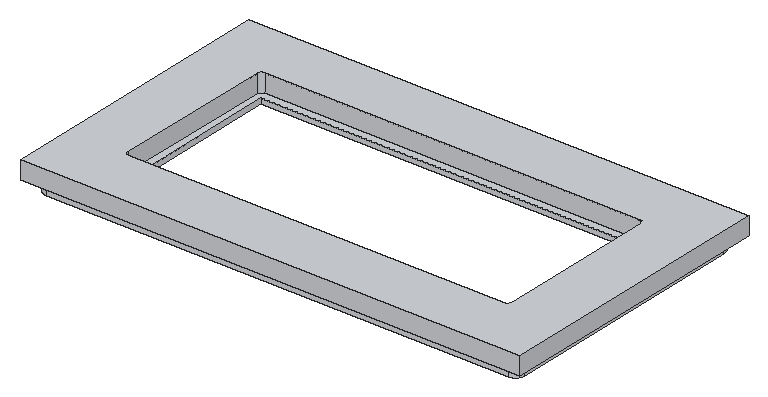
Revit family "Gira_100218", category Electrical Fixtures, host Face, Revit 2017
Family settings
  Host = Face
  Maintain Annotation Orientation = No
  Round Connector Dimension = Use Diameter
  Part Type = Normal
  Cut with Voids When Loaded = No
  Shared = No
  Room Calculation Point = No
Parameters (values of type "Cov.fr. 2-g w/o cb Gira Esprit mint gl.")
  With mounting grid = "No"
  With hinged lid = "No"
  URL = "http://katalog.gira.de/en/datenblatt.html?artikelnr=100218"
  Type of fastening = "Clamp mounting"
  Transparent = "No"
  Surface protection = "Other"
  Suitable for wall duct = "No"
  Suitable for flush-mounted installation = "Yes"
  Suitable for floor box = "No"
  Suitable for built-in installation = "No"
  Number of units vertical = "2"
  Number of units horizontal = "2"
  Number of units = "2"
  Name = "Cov.fr. 2-g w/o cb Gira Esprit mint gl."
  Mounting direction = "Horizontal and vertical"
  Material quality = "Real glass"
  Material = "Glass"
  Manufacturer URL = "https://www.gira.de/"
  Manufacturer = "Gira"
  Label space/information surface = "No"
  Keynote = ""
  HeinzeBIM = "https://bimportal.heinze.de/bim/cov-fr-2-g-w-o-cb-gira-esprit-mint-gl-/db542029d21295cbae78b025ad7f3744c507244b"
  Halogen free = "No"
  HAN = "100218"
  GTIN = "4010337002185"
  Description = "Cov.fr.2g w o cb Espr. GMi,Gira Esprit cover frame,mint glass,2-gang without crossbar,"
  Degree of protection (IP) = "IP20"
  Default Elevation = 1219.2 mm
  Data sheet (1) = "https://katalog.gira.de/en/download.html?artikelnr=100218"
  Colour = "Green"
  Category = "Cover frame for domestic switching devices"
  BIM (1) = "https://media.stage.bim.site/public/gira/36a6b08/Espr._Rahmen_2fach o.Mittelsteg.rfa?public/gira/36a6b08/Espr._Rahmen_2fach o.Mittelsteg.rfa"
  Available = "No"
Reference planes
  plane 1 "Center (Front/Back)": y = 0
  plane 2: z = 0
  plane 3 "Center (Left/Right)": x = 0
Forms (mm)
  Extrusion 1, solid, detail levels fine
    sketch origin (0, 0, 0) x (1, 0, 0) y (0, 1, 0)
      loop
        line (-83, 47.5) -> (-83, -47.5) -> (83, -47.5) -> (83, 47.5) -> (-83, 47.5)
      loop
        arc (-63.75, -26.7) -> (-63.311, -27.761) -> (-62.25, -28.2) r 1.5
        line (-62.25, -28.2) -> (62.25, -28.2)
        arc (62.25, -28.2) -> (63.311, -27.761) -> (63.75, -26.7) r 1.5
        line (63.75, -26.7) -> (63.75, 26.7)
        arc (63.75, 26.7) -> (63.311, 27.761) -> (62.25, 28.2) r 1.5
        line (62.25, 28.2) -> (-62.25, 28.2)
        arc (-62.25, 28.2) -> (-63.311, 27.761) -> (-63.75, 26.7) r 1.5
        line (-63.75, 26.7) -> (-63.75, -26.7)
    from 0 to 6
  Extrusion 2, solid, detail levels fine
    sketch origin (0, 0, 0) x (1, 0, 0) y (0, 1, 0)
      loop
        line (-61.518, -25.7) -> (61.45, -25.7) -> (61.45, 25.7) -> (-61.518, 25.7) -> (-61.518, -25.7)
      loop
        arc (-78.55, -41.3) -> (-78.023, -42.573) -> (-76.75, -43.1) r 1.8
        line (-76.75, -43.1) -> (77.95, -43.1)
        arc (77.95, -43.1) -> (79.223, -42.573) -> (79.75, -41.3) r 1.8
        line (79.75, -41.3) -> (79.75, 41.3)
        arc (79.75, 41.3) -> (79.223, 42.573) -> (77.95, 43.1) r 1.8
        line (77.95, 43.1) -> (-76.75, 43.1)
        arc (-76.75, 43.1) -> (-78.023, 42.573) -> (-78.55, 41.3) r 1.8
        line (-78.55, 41.3) -> (-78.55, -41.3)
    from -1.9 to 0
  Extrusion 3, solid, detail levels fine
    sketch origin (0, 0, 0) x (1, 0, 0) y (0, 1, 0)
      loop
        arc (-76.75, 44.4) -> (-78.871, 43.521) -> (-79.75, 41.4) r 3
        line (-79.75, 41.4) -> (-79.75, -41.4)
        arc (-79.75, -41.4) -> (-78.871, -43.521) -> (-76.75, -44.4) r 3
        line (-76.75, -44.4) -> (76.75, -44.4)
        arc (76.75, -44.4) -> (78.871, -43.521) -> (79.75, -41.4) r 3
        line (79.75, -41.4) -> (79.75, 41.4)
        arc (79.75, 41.4) -> (78.871, 43.521) -> (76.75, 44.4) r 3
        line (76.75, 44.4) -> (-76.75, 44.4)
      loop
        arc (-78.55, -41.4) -> (-78.023, -42.673) -> (-76.75, -43.2) r 1.8
        line (-76.75, -43.2) -> (76.75, -43.2)
        arc (76.75, -43.2) -> (78.023, -42.673) -> (78.55, -41.4) r 1.8
        line (78.55, -41.4) -> (78.55, 41.4)
        arc (78.55, 41.4) -> (78.023, 42.673) -> (76.75, 43.2) r 1.8
        line (76.75, 43.2) -> (-76.75, 43.2)
        arc (-76.75, 43.2) -> (-78.023, 42.673) -> (-78.55, 41.4) r 1.8
        line (-78.55, 41.4) -> (-78.55, -41.4)
    from -3.7 to 0
  Extrusion 4, solid, detail levels medium
    sketch origin (0, 0, 0) x (1, 0, 0) y (0, 1, 0)
      loop
        line (-83, 47.5) -> (-83, -47.5) -> (83, -47.5) -> (83, 47.5) -> (-83, 47.5)
    from 0 to 6
  Extrusion 5, solid, detail levels medium
    sketch origin (0, 0, 0) x (1, 0, 0) y (0, 1, 0)
      loop
        line (-79.75, 44.4) -> (-79.75, -44.4) -> (79.75, -44.4) -> (79.75, 44.4) -> (-79.75, 44.4)
    from -3.7 to 0
  Extrusion 6, solid, detail levels coarse
    sketch origin (0, 0, 0) x (1, 0, 0) y (0, 1, 0)
      loop
        line (-83, 47.5) -> (-83, -47.5) -> (83, -47.5) -> (83, 47.5) -> (-83, 47.5)
    from -3.7 to 6
Dimensions and locks
  aligned and locked: plane 2 to host face
  aligned and locked: level to host face
